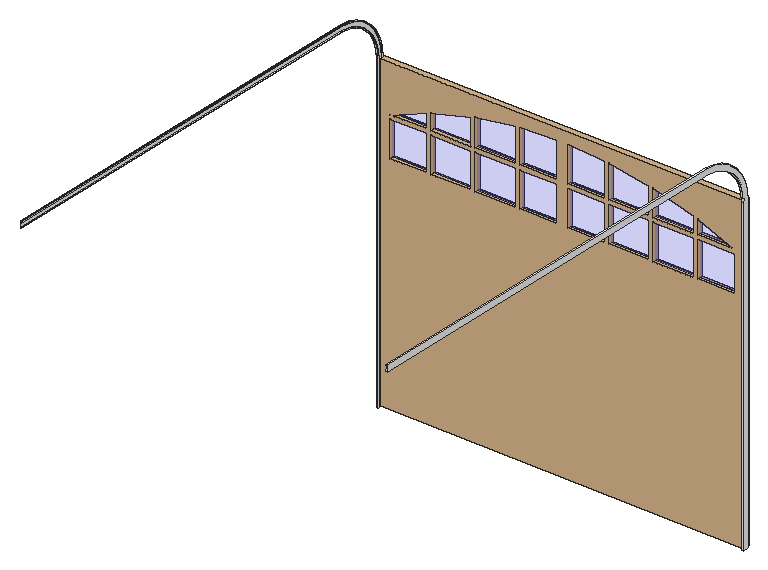
Revit family
Parameters (values of type "7Ft H x 8Ft W")
  Track Width = Width + 0' 2"  # 8' - 2"
  Track Height = Height + 1' 0"  # 8' - 0"
  Track Depth = 10' - 0"
  Track = Metal
  SmartBIM Object Version = 1  # constant formula
  SmartBIM Object Created By = "Reed Construction Data"  # constant formula
  Rough Width = 0' - 0"
  Rough Height = 0' - 0"
  Panel Thickness = 0' - 1 1/2"
  Manufacturer = ""
  Height = 7' - 0"
  Wall Closure = (empty or 0)
  Width = 8' - 0"
  Door Glass = Glass
  Door = Wood
  95 CSI = "08360"  # constant formula
  04 CSI = "08 36 13"  # constant formula
Types (3): name | Track Width | Manufacturer | Width
  (no name) | 8' - 2" | "" | 8' - 0"
  7Ft H x 8Ft W | 8' - 2" | "" | 8' - 0"
  7Ft H x 16Ft W | 16' - 2" | "Reed Construction Data" | 16' - 0"
Reference planes (in)
  plane 1 "Center (Front/Back)": y = 0
  plane 2 "Center (Left/Right)": x = 0
  plane 3 "Left": x = -48
  plane 4 "Right": x = 48
  plane 5 "Top": z = 84
  plane 6: x = -49
  plane 7: x = 49
  plane 8: y = -3.25
  plane 9: z = 60.75
  plane 10: z = 20.25
  plane 11: z = 40.5
  plane 12: z = 81
  plane 13: x = 24
  plane 14: x = -24
  plane 15: y = -2.5
  plane 16: y = -2.5
  plane 17 "Ext": y = -3.25
  plane 18: y = -2.5
  plane 19 "Int": y = -1.75
  plane 20: x = -36
  plane 21: x = -12
  plane 22: x = 12
  plane 23: x = 36
  plane 24: z = 70.875
  plane 25: y = -2.76892
  plane 26: y = -2.23108
Forms (in)
  Extrusion 1, solid, material "Wood" <- "Door"
    sketch origin (0, 0, 0) x (1, 0, 0) y (0, 0, 1)
      loop
        line (-49, 84) -> (-49, 0) -> (49, 0) -> (49, 84) -> (-49, 84)
      loop
        line (46.5, 60.75) -> (46.5, 70.375) -> (36.5, 70.375) -> (36.5, 60.75) -> (46.5, 60.75)
      loop
        line (23.5, 60.75) -> (23.5, 70.375) -> (12.5, 70.375) -> (12.5, 60.75) -> (23.5, 60.75)
      loop
        line (-1.5, 60.75) -> (-1.5, 70.375) -> (-11.5, 70.375) -> (-11.5, 60.75) -> (-1.5, 60.75)
      loop
        line (1.5, 81) -> (1.5, 71.375) -> (11.5, 71.375) -> (11.5, 80.54454)
        arc (11.5, 80.54454) -> (6.50518, 80.88608) -> (1.5, 81) r 110.00731
      loop
        line (-24.5, 60.75) -> (-24.5, 70.375) -> (-35.5, 70.375) -> (-35.5, 60.75) -> (-24.5, 60.75)
      loop
        line (-46.5, 71.375) -> (-36.5, 71.375) -> (-36.5, 75.28367)
        arc (-36.5, 75.28367) -> (-41.54771, 73.45141) -> (-46.5, 71.375) r 110.00731
      loop
        line (-36.5, 60.75) -> (-36.5, 70.375) -> (-46.5, 70.375) -> (-46.5, 60.75) -> (-36.5, 60.75)
      loop
        line (-35.5, 75.61395) -> (-35.5, 71.375) -> (-24.5, 71.375) -> (-24.5, 78.56875)
        arc (-24.5, 78.56875) -> (-30.03827, 77.23381) -> (-35.5, 75.61395) r 110.00731
      loop
        line (-23.5, 71.375) -> (-12.5, 71.375) -> (-12.5, 80.44865)
        arc (-12.5, 80.44865) -> (-18.02114, 79.75233) -> (-23.5, 78.7777) r 110.00731
        line (-23.5, 78.7777) -> (-23.5, 71.375)
      loop
        line (-12.5, 60.75) -> (-12.5, 70.375) -> (-23.5, 70.375) -> (-23.5, 60.75) -> (-12.5, 60.75)
      loop
        line (-11.5, 80.54454) -> (-11.5, 71.375) -> (-1.5, 71.375) -> (-1.5, 81)
        arc (-1.5, 81) -> (-6.50518, 80.88608) -> (-11.5, 80.54454) r 110.00731
      loop
        line (11.5, 60.75) -> (11.5, 70.375) -> (1.5, 70.375) -> (1.5, 60.75) -> (11.5, 60.75)
      loop
        line (12.5, 80.44865) -> (12.5, 71.375) -> (23.5, 71.375) -> (23.5, 78.7777)
        arc (23.5, 78.7777) -> (18.02114, 79.75233) -> (12.5, 80.44865) r 110.00731
      loop
        line (24.5, 71.375) -> (35.5, 71.375) -> (35.5, 75.61395)
        arc (35.5, 75.61395) -> (30.03827, 77.23381) -> (24.5, 78.56875) r 110.00731
        line (24.5, 78.56875) -> (24.5, 71.375)
      loop
        line (35.5, 60.75) -> (35.5, 70.375) -> (24.5, 70.375) -> (24.5, 60.75) -> (35.5, 60.75)
      loop
        line (36.5, 75.28367) -> (36.5, 71.375) -> (46.5, 71.375)
        arc (46.5, 71.375) -> (41.54771, 73.45141) -> (36.5, 75.28367) r 110.00731
    from 1.75 to 3.25
  Extrusion 2, solid, material "Glass" <- "Door Glass"
    sketch origin (0, 0, 0) x (1, 0, 0) y (0, 0, 1)
      loop
        line (-36.5, 81) -> (-46.5, 81) -> (-46.5, 71.375) -> (-36.5, 71.375) -> (-36.5, 81)
      loop
        line (-46.5, 70.375) -> (-46.5, 60.75) -> (-36.5, 60.75) -> (-36.5, 70.375) -> (-46.5, 70.375)
      loop
        line (-24.5, 81) -> (-35.5, 81) -> (-35.5, 71.375) -> (-24.5, 71.375) -> (-24.5, 81)
      loop
        line (-35.5, 70.375) -> (-35.5, 60.75) -> (-24.5, 60.75) -> (-24.5, 70.375) -> (-35.5, 70.375)
      loop
        line (-12.5, 81) -> (-23.5, 81) -> (-23.5, 71.375) -> (-12.5, 71.375) -> (-12.5, 81)
      loop
        line (-23.5, 70.375) -> (-23.5, 60.75) -> (-12.5, 60.75) -> (-12.5, 70.375) -> (-23.5, 70.375)
      loop
        line (-11.5, 70.375) -> (-11.5, 60.75) -> (-1.5, 60.75) -> (-1.5, 70.375) -> (-11.5, 70.375)
      loop
        line (-1.5, 81) -> (-11.5, 81) -> (-11.5, 71.375) -> (-1.5, 71.375) -> (-1.5, 81)
      loop
        line (11.5, 81) -> (1.5, 81) -> (1.5, 71.375) -> (11.5, 71.375) -> (11.5, 81)
      loop
        line (23.5, 81) -> (12.5, 81) -> (12.5, 71.375) -> (23.5, 71.375) -> (23.5, 81)
      loop
        line (1.5, 70.375) -> (1.5, 60.75) -> (11.5, 60.75) -> (11.5, 70.375) -> (1.5, 70.375)
      loop
        line (12.5, 70.375) -> (12.5, 60.75) -> (23.5, 60.75) -> (23.5, 70.375) -> (12.5, 70.375)
      loop
        line (35.5, 81) -> (24.5, 81) -> (24.5, 71.375) -> (35.5, 71.375) -> (35.5, 81)
      loop
        line (24.5, 70.375) -> (24.5, 60.75) -> (35.5, 60.75) -> (35.5, 70.375) -> (24.5, 70.375)
      loop
        line (46.5, 71.375) -> (46.5, 81) -> (36.5, 81) -> (36.5, 71.375) -> (46.5, 71.375)
      loop
        line (36.5, 70.375) -> (36.5, 60.75) -> (46.5, 60.75) -> (46.5, 70.375) -> (36.5, 70.375)
    from 2.375 to 2.625
  Extrusion 3, void
    sketch origin (0, -3.25, 0) x (1, 0, 0) y (0, 0, 1)
      loop
        line (-36.5, 75.28367) -> (-36.5, 81) -> (-46.5, 81) -> (-46.5, 71.375)
        arc (-46.5, 71.375) -> (-41.54771, 73.45141) -> (-36.5, 75.28367) r 110.00731
      loop
        line (-24.5, 81) -> (-35.5, 81) -> (-35.5, 75.61395)
        arc (-35.5, 75.61395) -> (-30.03827, 77.23381) -> (-24.5, 78.56875) r 110.00731
        line (-24.5, 78.56875) -> (-24.5, 81)
      loop
        arc (-23.5, 78.7777) -> (-18.02114, 79.75233) -> (-12.5, 80.44865) r 110.00731
        line (-12.5, 80.44865) -> (-12.5, 81) -> (-23.5, 81) -> (-23.5, 78.7777)
      loop
        line (-11.5, 81) -> (-11.5, 80.54454)
        arc (-11.5, 80.54454) -> (-6.50518, 80.88608) -> (-1.5, 81) r 110.00731
        line (-1.5, 81) -> (-11.5, 81)
      loop
        arc (1.5, 81) -> (6.50518, 80.88608) -> (11.5, 80.54454) r 110.00731
        line (11.5, 80.54454) -> (11.5, 81) -> (1.5, 81)
      loop
        arc (12.5, 80.44865) -> (18.02114, 79.75233) -> (23.5, 78.7777) r 110.00731
        line (23.5, 78.7777) -> (23.5, 81) -> (12.5, 81) -> (12.5, 80.44865)
      loop
        arc (24.5, 78.56875) -> (30.03827, 77.23381) -> (35.5, 75.61395) r 110.00731
        line (35.5, 75.61395) -> (35.5, 81) -> (24.5, 81) -> (24.5, 78.56875)
      loop
        arc (36.5, 75.28367) -> (41.54771, 73.45141) -> (46.5, 71.375) r 110.00731
        line (46.5, 71.375) -> (46.5, 81) -> (36.5, 81) -> (36.5, 75.28367)
    from -1.01892 to -0.48108
Cuts and joins
  Extrusion 3 cuts Extrusion 1
  Extrusion 3 cuts Extrusion 2
Lines and regions (in)
  Opening 1
    outline origin (-90, -1.75, 0) x (1, 0, 0) y (0, 0, 1)
      loop
        line (42, 0) -> (138, 0) -> (138, 84) -> (42, 84) -> (42, 0)
  model lines
    curve 1: line (1.5, -3.25, 42) -> (46.5, -3.25, 42)
    curve 2: line (46.5, -3.25, 42) -> (46.5, -3.25, 59.25)
    curve 3: line (46.5, -3.25, 59.25) -> (1.5, -3.25, 59.25)
    curve 4: line (45, -3.25, 57.75) -> (3, -3.25, 57.75)
    curve 5: line (3, -3.25, 43.5) -> (45, -3.25, 43.5)
    curve 6: line (45, -3.25, 43.5) -> (45, -3.25, 57.75)
    curve 7: line (1.5, -3.25, 59.25) -> (1.5, -3.25, 42)
    curve 8: line (3, -3.25, 57.75) -> (3, -3.25, 43.5)
    curve 9: line (-1.5, -3.25, 59.25) -> (-1.5, -3.25, 42)
    curve 10: line (-3, -3.25, 57.75) -> (-3, -3.25, 43.5)
    curve 11: line (-46.5, -3.25, 59.25) -> (-46.5, -3.25, 42)
    curve 12: line (-46.5, -3.25, 42) -> (-1.5, -3.25, 42)
    curve 13: line (-1.5, -3.25, 59.25) -> (-46.5, -3.25, 59.25)
    curve 14: line (-3, -3.25, 57.75) -> (-45, -3.25, 57.75)
    curve 15: line (-45, -3.25, 57.75) -> (-45, -3.25, 43.5)
    curve 16: line (-45, -3.25, 43.5) -> (-3, -3.25, 43.5)
    curve 17: line (-46.5, -3.25, 39) -> (-46.5, -3.25, 21.75)
    curve 18: line (-46.5, -3.25, 21.75) -> (-1.5, -3.25, 21.75)
    curve 19: line (-1.5, -3.25, 39) -> (-46.5, -3.25, 39)
    curve 20: line (-3, -3.25, 37.5) -> (-45, -3.25, 37.5)
    curve 21: line (-45, -3.25, 37.5) -> (-45, -3.25, 23.25)
    curve 22: line (-45, -3.25, 23.25) -> (-3, -3.25, 23.25)
    curve 23: line (-1.5, -3.25, 21.75) -> (-1.5, -3.25, 39)
    curve 24: line (-3, -3.25, 23.25) -> (-3, -3.25, 37.5)
    curve 25: line (1.5, -3.25, 21.75) -> (1.5, -3.25, 39)
    curve 26: line (1.5, -3.25, 21.75) -> (46.5, -3.25, 21.75)
    curve 27: line (46.5, -3.25, 21.75) -> (46.5, -3.25, 39)
    curve 28: line (46.5, -3.25, 39) -> (1.5, -3.25, 39)
    curve 29: line (45, -3.25, 37.5) -> (3, -3.25, 37.5)
    curve 30: line (3, -3.25, 23.25) -> (45, -3.25, 23.25)
    curve 31: line (45, -3.25, 23.25) -> (45, -3.25, 37.5)
    curve 32: line (-46.5, -3.25, 1.5) -> (-46.5, -3.25, 18.75)
    curve 33: line (-46.5, -3.25, 18.75) -> (-1.5, -3.25, 18.75)
    curve 34: line (-1.5, -3.25, 1.5) -> (-46.5, -3.25, 1.5)
    curve 35: line (-3, -3.25, 3) -> (-45, -3.25, 3)
    curve 36: line (-45, -3.25, 3) -> (-45, -3.25, 17.25)
    curve 37: line (-45, -3.25, 17.25) -> (-3, -3.25, 17.25)
    curve 38: line (-1.5, -3.25, 1.5) -> (-1.5, -3.25, 18.75)
    curve 39: line (-3, -3.25, 3) -> (-3, -3.25, 17.25)
    curve 40: line (1.5, -3.25, 1.5) -> (1.5, -3.25, 18.75)
    curve 41: line (46.5, -3.25, 1.5) -> (46.5, -3.25, 18.75)
    curve 42: line (46.5, -3.25, 18.75) -> (1.5, -3.25, 18.75)
    curve 43: line (1.5, -3.25, 1.5) -> (46.5, -3.25, 1.5)
    curve 44: line (3, -3.25, 3) -> (45, -3.25, 3)
    curve 45: line (45, -3.25, 3) -> (45, -3.25, 17.25)
    curve 46: line (45, -3.25, 17.25) -> (3, -3.25, 17.25)
    curve 47: line (1.5, -1.75, 42) -> (46.5, -1.75, 42)
    curve 48: line (46.5, -1.75, 42) -> (46.5, -1.75, 59.25)
    curve 49: line (46.5, -1.75, 59.25) -> (1.5, -1.75, 59.25)
    curve 50: line (45, -1.75, 57.75) -> (3, -1.75, 57.75)
    curve 51: line (3, -1.75, 43.5) -> (45, -1.75, 43.5)
    curve 52: line (45, -1.75, 43.5) -> (45, -1.75, 57.75)
    curve 53: line (1.5, -1.75, 59.25) -> (1.5, -1.75, 42)
    curve 54: line (3, -1.75, 57.75) -> (3, -1.75, 43.5)
    curve 55: line (-1.5, -1.75, 59.25) -> (-1.5, -1.75, 42)
    curve 56: line (-3, -1.75, 57.75) -> (-3, -1.75, 43.5)
    curve 57: line (-46.5, -1.75, 59.25) -> (-46.5, -1.75, 42)
    curve 58: line (-46.5, -1.75, 42) -> (-1.5, -1.75, 42)
    curve 59: line (-1.5, -1.75, 59.25) -> (-46.5, -1.75, 59.25)
    curve 60: line (-3, -1.75, 57.75) -> (-45, -1.75, 57.75)
    curve 61: line (-45, -1.75, 57.75) -> (-45, -1.75, 43.5)
    curve 62: line (-45, -1.75, 43.5) -> (-3, -1.75, 43.5)
    curve 63: line (-46.5, -1.75, 39) -> (-46.5, -1.75, 21.75)
    curve 64: line (-46.5, -1.75, 21.75) -> (-1.5, -1.75, 21.75)
    curve 65: line (-1.5, -1.75, 39) -> (-46.5, -1.75, 39)
    curve 66: line (-3, -1.75, 37.5) -> (-45, -1.75, 37.5)
    curve 67: line (-45, -1.75, 37.5) -> (-45, -1.75, 23.25)
    curve 68: line (-45, -1.75, 23.25) -> (-3, -1.75, 23.25)
    curve 69: line (-1.5, -1.75, 21.75) -> (-1.5, -1.75, 39)
    curve 70: line (-3, -1.75, 23.25) -> (-3, -1.75, 37.5)
    curve 71: line (1.5, -1.75, 21.75) -> (1.5, -1.75, 39)
    curve 72: line (1.5, -1.75, 21.75) -> (46.5, -1.75, 21.75)
    curve 73: line (46.5, -1.75, 21.75) -> (46.5, -1.75, 39)
    curve 74: line (46.5, -1.75, 39) -> (1.5, -1.75, 39)
    curve 75: line (45, -1.75, 37.5) -> (3, -1.75, 37.5)
    curve 76: line (3, -1.75, 23.25) -> (45, -1.75, 23.25)
    curve 77: line (45, -1.75, 23.25) -> (45, -1.75, 37.5)
    curve 78: line (-46.5, -1.75, 1.5) -> (-46.5, -1.75, 18.75)
    curve 79: line (-46.5, -1.75, 18.75) -> (-1.5, -1.75, 18.75)
    curve 80: line (-1.5, -1.75, 1.5) -> (-46.5, -1.75, 1.5)
    curve 81: line (-3, -1.75, 3) -> (-45, -1.75, 3)
    curve 82: line (-45, -1.75, 3) -> (-45, -1.75, 17.25)
    curve 83: line (-45, -1.75, 17.25) -> (-3, -1.75, 17.25)
    curve 84: line (-1.5, -1.75, 1.5) -> (-1.5, -1.75, 18.75)
    curve 85: line (-3, -1.75, 3) -> (-3, -1.75, 17.25)
    curve 86: line (1.5, -1.75, 1.5) -> (1.5, -1.75, 18.75)
    curve 87: line (46.5, -1.75, 1.5) -> (46.5, -1.75, 18.75)
    curve 88: line (46.5, -1.75, 18.75) -> (1.5, -1.75, 18.75)
    curve 89: line (1.5, -1.75, 1.5) -> (46.5, -1.75, 1.5)
    curve 90: line (3, -1.75, 3) -> (45, -1.75, 3)
    curve 91: line (45, -1.75, 3) -> (45, -1.75, 17.25)
    curve 92: line (45, -1.75, 17.25) -> (3, -1.75, 17.25)
    curve 93: line (3, -1.75, 57.75) -> (1.5, -1.75, 59.25)
    curve 94: line (3, -1.75, 43.5) -> (1.5, -1.75, 42)
    curve 95: line (45, -1.75, 57.75) -> (46.5, -1.75, 59.25)
    curve 96: line (45, -1.75, 43.5) -> (46.5, -1.75, 42)
    curve 97: line (45, -1.75, 23.25) -> (46.5, -1.75, 21.75)
    curve 98: line (45, -1.75, 37.5) -> (46.5, -1.75, 39)
    curve 99: line (45, -1.75, 17.25) -> (46.5, -1.75, 18.75)
    curve 100: line (45, -1.75, 3) -> (46.5, -1.75, 1.5)
    curve 101: line (3, -1.75, 17.25) -> (1.5, -1.75, 18.75)
    curve 102: line (3, -1.75, 3) -> (1.5, -1.75, 1.5)
    curve 103: line (-3, -1.75, 17.25) -> (-1.5, -1.75, 18.75)
    curve 104: line (-3, -1.75, 3) -> (-1.5, -1.75, 1.5)
    curve 105: line (-45, -1.75, 17.25) -> (-46.5, -1.75, 18.75)
    curve 106: line (-45, -1.75, 3) -> (-46.5, -1.75, 1.5)
    curve 107: line (-45, -1.75, 23.25) -> (-46.5, -1.75, 21.75)
    curve 108: line (-45, -1.75, 37.5) -> (-46.5, -1.75, 39)
    curve 109: line (-3, -1.75, 23.25) -> (-1.5, -1.75, 21.75)
    curve 110: line (-3, -1.75, 37.5) -> (-1.5, -1.75, 39)
    curve 111: line (3, -1.75, 23.25) -> (1.5, -1.75, 21.75)
    curve 112: line (3, -1.75, 37.5) -> (1.5, -1.75, 39)
    curve 113: line (-3, -1.75, 57.75) -> (-1.5, -1.75, 59.25)
    curve 114: line (-3, -1.75, 43.5) -> (-1.5, -1.75, 42)
    curve 115: line (-45, -1.75, 57.75) -> (-46.5, -1.75, 59.25)
    curve 116: line (-45, -1.75, 43.5) -> (-46.5, -1.75, 42)
    curve 117: line (-45, -3.25, 57.75) -> (-46.5, -3.25, 59.25)
    curve 118: line (-45, -3.25, 43.5) -> (-46.5, -3.25, 42)
    curve 119: line (-3, -3.25, 57.75) -> (-1.5, -3.25, 59.25)
    curve 120: line (-3, -3.25, 43.5) -> (-1.5, -3.25, 42)
    curve 121: line (3, -3.25, 57.75) -> (1.5, -3.25, 59.25)
    curve 122: line (3, -3.25, 43.5) -> (1.5, -3.25, 42)
    curve 123: line (45, -3.25, 57.75) -> (46.5, -3.25, 59.25)
    curve 124: line (45, -3.25, 43.5) -> (46.5, -3.25, 42)
    curve 125: line (45, -3.25, 23.25) -> (46.5, -3.25, 21.75)
    curve 126: line (45, -3.25, 37.5) -> (46.5, -3.25, 39)
    curve 127: line (3, -3.25, 23.25) -> (1.5, -3.25, 21.75)
    curve 128: line (3, -3.25, 37.5) -> (1.5, -3.25, 39)
    curve 129: line (-3, -3.25, 23.25) -> (-1.5, -3.25, 21.75)
    curve 130: line (-3, -3.25, 37.5) -> (-1.5, -3.25, 39)
    curve 131: line (-45, -3.25, 23.25) -> (-46.5, -3.25, 21.75)
    curve 132: line (-45, -3.25, 37.5) -> (-46.5, -3.25, 39)
    curve 133: line (-45, -3.25, 17.25) -> (-46.5, -3.25, 18.75)
    curve 134: line (-45, -3.25, 3) -> (-46.5, -3.25, 1.5)
    curve 135: line (-3, -3.25, 17.25) -> (-1.5, -3.25, 18.75)
    curve 136: line (-3, -3.25, 3) -> (-1.5, -3.25, 1.5)
    curve 137: line (3, -3.25, 17.25) -> (1.5, -3.25, 18.75)
    curve 138: line (3, -3.25, 3) -> (1.5, -3.25, 1.5)
    curve 139: line (45, -3.25, 17.25) -> (46.5, -3.25, 18.75)
    curve 140: line (45, -3.25, 3) -> (46.5, -3.25, 1.5)
    curve 141: line (3, -3.25, 37.5) -> (3, -3.25, 23.25)
    curve 142: line (3, -1.75, 23.25) -> (3, -1.75, 37.5)
    curve 143: line (3, -1.75, 3) -> (3, -1.75, 17.25)
    curve 144: line (3, -3.25, 3) -> (3, -3.25, 17.25)
Text (in)
  text "Exterior" at (-74.96733, 27.31104, 0), in view "Ref. Level"
  text "Interior" at (-76.69036, -30.31274, 0), in view "Ref. Level"
  text "Exterior" at (0, 40.15149, 123.01588), in view "Right"
  text "Interior" at (0, -64.39139, 123.01588), in view "Right"
  text "Interior" at (0, -31.01599, 123.00693), in view "Left"
  text "Exterior" at (0, 54.57065, 123.00693), in view "Left"
Dimensions and locks (in)
  equal spacing: plane 3 "Left", plane 2 "Center (Left/Right)", plane 4 "Right"
  "Height": level to plane 5 "Top"
  "Width": plane 3 "Left" to plane 4 "Right"
  locked: plane 6 to plane 3 "Left" at 1
  locked: plane 4 "Right" to plane 7 at 1
  locked: plane 12 to plane 5 "Top" at 3
  equal spacing: level, plane 10, plane 11, plane 9, plane 12
  equal spacing: plane 2 "Center (Left/Right)", plane 13, plane 4 "Right"
  equal spacing: plane 2 "Center (Left/Right)", plane 14, plane 3 "Left"
  equal spacing: Extrusion 1 sketch curve, plane 2 "Center (Left/Right)", Extrusion 1 sketch curve, locked at 1.5 each
  locked: Extrusion 1 sketch curve to Extrusion 1 sketch curve at 3
  locked: Extrusion 2 to Extrusion 2 at 0.25  (x2)
  host wall to plane 15 to plane 8 = 0' - 0 3/4", 0' - 0 3/4"
  equal spacing: Extrusion 2, plane 16, Extrusion 2
  curve 6 to curve 2 to plane 4 "Right" = 0' - 1 1/2" locked, 0' - 1 1/2" locked
  curve 4 to curve 3 to plane 9 = 0' - 1 1/2" locked, 0' - 1 1/2" locked
  plane 11 to curve 1 to curve 5 = 0' - 1 1/2" locked, 0' - 1 1/2" locked
  curve 8 to curve 7 to plane 2 "Center (Left/Right)" = 0' - 1 1/2" locked, 0' - 1 1/2" locked
  plane 2 "Center (Left/Right)" to curve 9 to curve 10 = 0' - 1 1/2" locked, 0' - 1 1/2" locked
  plane 3 "Left" to curve 11 to curve 15 = 0' - 1 1/2" locked, 0' - 1 1/2" locked
  plane 11 to curve 19 to curve 20 = 0' - 1 1/2" locked, 0' - 1 1/2" locked
  curve 22 to curve 18 to plane 10 = 0' - 1 1/2" locked, 0' - 1 1/2" locked
  plane 10 to curve 33 to curve 37 = 0' - 1 1/2" locked, 0' - 1 1/2" locked
  curve 35 to curve 34 to level = 0' - 1 1/2" locked, 0' - 1 1/2" locked
  equal spacing: plane 17 "Ext", plane 18, plane 19 "Int"
  locked: curve 52 to curve 48 at 1.5
  locked: curve 50 to curve 49 at 1.5
  locked: curve 47 to curve 51 at 1.5
  locked: curve 54 to curve 53 at 1.5
  locked: curve 55 to curve 56 at 1.5
  locked: curve 57 to curve 61 at 1.5
  locked: curve 65 to curve 66 at 1.5
  locked: curve 68 to curve 64 at 1.5
  locked: curve 79 to curve 83 at 1.5
  locked: curve 81 to curve 80 at 1.5
  "Panel Thickness": plane 19 "Int" to plane 17 "Ext"
  equal spacing: Extrusion 1 sketch curve, plane 23, Extrusion 1 sketch curve
  equal spacing: plane 13, plane 23, plane 4 "Right"
  equal spacing: plane 13, plane 22, plane 2 "Center (Left/Right)"
  equal spacing: Extrusion 1 sketch curve, plane 22, Extrusion 1 sketch curve, locked at 0.5 each
  locked: Extrusion 1 sketch curve to Extrusion 1 sketch curve at 1  (x4)
  equal spacing: plane 2 "Center (Left/Right)", plane 21, plane 14
  equal spacing: Extrusion 1 sketch curve, plane 21, Extrusion 1 sketch curve, locked at 0.5 each
  equal spacing: plane 3 "Left", plane 20, plane 14
  equal spacing: Extrusion 1 sketch curve, plane 20, Extrusion 1 sketch curve, locked at 0.5 each
  equal spacing: plane 12, plane 24, plane 9
  equal spacing: Extrusion 1 sketch curve, plane 24, Extrusion 1 sketch curve
  locked: plane 14 to Extrusion 1 sketch curve at 0.5  (x2)
  locked: Extrusion 1 sketch curve to plane 14 at 0.5  (x2)
  locked: plane 13 to Extrusion 1 sketch curve at 0.5  (x2)
  locked: Extrusion 1 sketch curve to plane 13 at 0.5  (x2)
  equal spacing: plane 26, plane 18, plane 25
  locked: plane 26 to plane 25 at 0.53783
  aligned and locked: plane 3 "Left" to Opening 1 sketch curve
  aligned and locked: plane 5 "Top" to Opening 1 sketch curve  (x2)
  aligned and locked: Opening 1 sketch curve to plane 4 "Right"
  aligned and locked: Opening 1 sketch curve to level
  aligned and locked: Extrusion 1 sketch curve to plane 6
  aligned and locked: Extrusion 1 sketch curve to plane 7
  aligned and locked: Extrusion 1 sketch curve to level
  aligned and locked: Extrusion 1 sketch curve to host wall
  aligned and locked: plane 9 to Extrusion 1 sketch curve  (x4)
  aligned and locked: Extrusion 1 sketch curve to plane 9
  aligned and locked: plane 15 to plane 16
  aligned and locked: curve 15 to curve 21
  aligned and locked: curve 11 to curve 17
  aligned and locked: curve 24 to curve 10
  aligned and locked: curve 23 to curve 9
  aligned and locked: curve 25 to curve 7
  aligned and locked: curve 31 to curve 6
  aligned and locked: curve 27 to curve 2
  aligned and locked: curve 32 to curve 17
  aligned and locked: curve 36 to curve 21
  aligned and locked: curve 39 to curve 24
  aligned and locked: curve 38 to curve 23
  aligned and locked: curve 40 to curve 25
  aligned and locked: curve 45 to curve 31
  aligned and locked: curve 41 to curve 27
  aligned and locked: host wall to plane 19 "Int"
  aligned and locked: plane 16 to plane 18
  aligned and locked: plane 17 "Ext" to Extrusion 1
  aligned and locked: Extrusion 1 to host wall
  aligned and locked: curve 117 to curve 115
  aligned and locked: Extrusion 1 sketch curve to Extrusion 1 sketch curve  (x17)
  aligned and locked: Extrusion 2 sketch curve to Extrusion 1  (x56)
  aligned and locked: curve 8 to curve 141
  aligned and locked: nested 1 to plane 2 "Center (Left/Right)"
  aligned and locked: nested 1 to plane 17 "Ext"
  aligned and locked: level to nested 1
  aligned and locked: plane 12 to Extrusion 2 sketch curve
  aligned and locked: Extrusion 2 to Extrusion 3 sketch curve  (x5)
  aligned and locked: Extrusion 3 sketch curve to Extrusion 2  (x14)
  aligned and locked: Extrusion 3 sketch curve to Extrusion 1  (x9)
  aligned and locked: plane 26 to Extrusion 3
  aligned and locked: plane 25 to Extrusion 3
Automatic sketch dimensions
  Extrusion 1 sketch curve to plane 9 = 0' - 0"  (x3)
  Extrusion 1 sketch curve to plane 3 "Left" = 0' - 1 1/2"
  Extrusion 1 sketch curve to plane 24 = 0' - 0 1/2"  (x2)
  Extrusion 1 sketch curve to plane 2 "Center (Left/Right)" = 0' - 1 1/2"
  plane 2 "Center (Left/Right)" to Extrusion 1 sketch curve = 0' - 1 1/2"
  Extrusion 1 sketch curve to Extrusion 1 sketch curve = 0' - 0"  (x15)
  Extrusion 1 sketch curve to plane 23 = 0' - 0 1/2"
  Extrusion 1 sketch curve to Extrusion 1 sketch curve = 0' - 0.33028"  (x2)
  Extrusion 1 sketch curve to Extrusion 1 sketch curve = 0' - 0.20895"  (x2)
  Extrusion 1 sketch curve to plane 12 = 0' - 0"  (x2)
  plane 4 "Right" to Extrusion 1 sketch curve = 0' - 1 1/2"
  plane 24 to Extrusion 1 sketch curve = 0' - 0 1/2"  (x2)
  Extrusion 1 sketch curve to plane 12 = 0' - 0.55135"
  Extrusion 1 sketch curve to plane 20 = 0' - 0 1/2"
  curve 108 to plane 3 "Left" = 0' - 1 1/2"
  curve 116 to plane 3 "Left" = 0' - 1 1/2"
  curve 105 to plane 3 "Left" = 0' - 1 1/2"
  curve 63 to curve 66 = 0' - 1 1/2"
  curve 78 to curve 81 = 0' - 1 1/2"
  curve 62 to plane 2 "Center (Left/Right)" = 0' - 3"
  curve 66 to plane 2 "Center (Left/Right)" = 0' - 3"
  curve 81 to plane 2 "Center (Left/Right)" = 0' - 3"
  curve 103 to plane 2 "Center (Left/Right)" = 0' - 1 1/2"
  curve 69 to plane 2 "Center (Left/Right)" = 0' - 1 1/2"
  plane 2 "Center (Left/Right)" to curve 47 = 0' - 1 1/2"
  plane 2 "Center (Left/Right)" to curve 112 = 0' - 1 1/2"
  plane 2 "Center (Left/Right)" to curve 86 = 0' - 1 1/2"
  curve 86 to curve 143 = 0' - 1 1/2"
  curve 71 to curve 111 = 0' - 1 1/2"
  plane 4 "Right" to curve 99 = 0' - 3"
  plane 4 "Right" to curve 50 = 0' - 3"
  plane 4 "Right" to curve 98 = 0' - 3"
  plane 4 "Right" to curve 73 = 0' - 1 1/2"
  plane 4 "Right" to curve 87 = 0' - 1 1/2"
  level to curve 78 = 0' - 1 1/2"
  level to curve 87 = 0' - 1 1/2"
  curve 86 to curve 102 = 0' - 1 1/2"
  curve 85 to plane 10 = 0' - 3"
  curve 91 to plane 10 = 0' - 3"
  curve 101 to plane 10 = 0' - 1 1/2"
  plane 10 to curve 71 = 0' - 1 1/2"
  plane 10 to curve 69 = 0' - 1 1/2"
  curve 72 to curve 77 = 0' - 1 1/2"
  curve 67 to plane 11 = 0' - 3"
  curve 77 to plane 11 = 0' - 3"
  curve 74 to plane 11 = 0' - 1 1/2"
  plane 11 to curve 94 = 0' - 1 1/2"
  plane 11 to curve 55 = 0' - 1 1/2"
  curve 55 to curve 62 = 0' - 1 1/2"
  curve 95 to plane 9 = 0' - 3"
  curve 61 to plane 9 = 0' - 3"
  curve 59 to plane 9 = 0' - 1 1/2"
  curve 40 to curve 138 = 0' - 1 1/2"
  level to curve 41 = 0' - 1 1/2"
  curve 41 to curve 45 = 0' - 1 1/2"
  curve 144 to plane 10 = 0' - 3"
  curve 42 to plane 10 = 0' - 1 1/2"
  plane 10 to curve 25 = 0' - 1 1/2"
  curve 25 to curve 127 = 0' - 1 1/2"
  curve 128 to plane 11 = 0' - 3"
  curve 25 to plane 11 = 0' - 1 1/2"
  plane 11 to curve 120 = 0' - 1 1/2"
  curve 12 to curve 16 = 0' - 1 1/2"
  Extrusion 2 sketch curve to plane 12 = 0' - 0"  (x7)
  Extrusion 3 sketch curve to Extrusion 3 sketch curve = 0' - 0"
  Extrusion 3 sketch curve to plane 12 = 0' - 0"  (x2)
  Extrusion 3 sketch curve to Extrusion 3 sketch curve = 0' - 3"
Nested families (in)
  nested 1: "Door Track" at (-0.5, -64, 0), Width <- "Track Width", Height <- "Track Height", Depth <- "Track Depth", type "Door Track"
    with Width 8' - 2", Height 8' - 0", Depth 10' - 0"
Definition of nested family "Door Track"
  Parameters
    Width [instance] = 10' - 0"
    Track = Metal
    Height [instance] = 11' - 0"
    Depth [instance] = 10' - 0"
  Reference planes (in)
    plane 1 "Center (Front/Back)": y = 0
    plane 2: z = 0
    plane 3 "Center (Left/Right)": x = 0.5
    plane 4 "Back": y = 60
    plane 5 "Front": y = -60
    plane 6 "Left": x = -59.5
    plane 7 "Right": x = 60.5
    plane 8 "Top": z = 132
    plane 9 "Center (Up/Down)": z = 66
    plane 10: y = 60.75
    plane 11: y = 61.5
  Forms (in)
    Sweep 1, solid, material "Metal" <- "Track"
      path origin (60.5, 60, 48) x (0, 1, 0) y (0, 0, 1)
        loop
          line (0, -48) -> (0, 72)
          arc (0, 72) -> (-3.51472, 80.48528) -> (-12, 84) r 12
          line (-12, 84) -> (-120, 84)
      profile origin (60.5, -6, 132) x (0, 0, -1) y (1, 0, 0)
        loop
          line (-1.5, 0) -> (-1.375, 0) -> (-1.375, 0.375) -> (-0.125, 0.375) -> (-0.125, 0) -> (0, 0) -> (0, 0.5) -> (-1.5, 0.5) -> (-1.5, 0)
    Sweep 2, solid, material "Metal" <- "Track"
      path origin (-59.5, 60, 48) x (0, 1, 0) y (0, 0, 1)
        loop
          line (0, -48) -> (0, 72)
          arc (0, 72) -> (-3.51472, 80.48528) -> (-12, 84) r 12
          line (-12, 84) -> (-120, 84)
      profile origin (-59.5, -6, 132) x (0, 0, -1) y (1, 0, 0)
        loop
          line (-1.5, 0) -> (-1.5, -0.5) -> (0, -0.5) -> (0, 0) -> (-0.125, 0) -> (-0.125, -0.375) -> (-1.375, -0.375) -> (-1.375, 0) -> (-1.5, 0)
  Dimensions and locks (in)
    equal spacing: plane 6 "Left", plane 3 "Center (Left/Right)", plane 7 "Right"
    "Width": plane 6 "Left" to plane 7 "Right"
    equal spacing: plane 4 "Back", plane 1 "Center (Front/Back)", plane 5 "Front"
    "Depth": plane 4 "Back" to plane 5 "Front"
    "Height": plane 8 "Top" to plane 2
    equal spacing: plane 8 "Top", plane 9 "Center (Up/Down)", level
    locked: Sweep 2 sketch curve to Sweep 2 sketch curve at 0.125  (x3)
    locked: Sweep 2 sketch curve to Sweep 2 sketch curve at 0.5  (x2)
    locked: Sweep 2 sketch curve to Sweep 2 sketch curve at 1.5
    locked: Sweep 1 sketch curve to Sweep 1 sketch curve at 0.5  (x2)
    locked: Sweep 1 sketch curve to Sweep 1 sketch curve at 0.125  (x3)
    locked: Sweep 1 sketch curve to Sweep 1 sketch curve at 1.5
    equal spacing: plane 4 "Back", plane 10, plane 11
    locked: plane 10 to plane 11 at 0.75
    radius of Sweep 1 sketch curve = 1' - 0"
    radius of Sweep 2 sketch curve = 1' - 0"
    aligned and locked: plane 8 "Top" to Sweep 1 sketch curve  (x2)
    aligned and locked: plane 5 "Front" to Sweep 1 sketch curve
    aligned and locked: plane 4 "Back" to Sweep 1 sketch curve
    aligned and locked: plane 4 "Back" to Sweep 2 sketch curve
    aligned and locked: plane 5 "Front" to Sweep 2 sketch curve
    aligned and locked: level to Sweep 2 sketch curve
    aligned and locked: Sweep 2 sketch curve to profile plane  (x2)
    aligned and locked: Sweep 1 sketch curve to profile plane
    aligned and locked: plane 11 to Sweep 1
  Automatic sketch dimensions
    Sweep 1 sketch curve to level = 0' - 0"
    Sweep 2 sketch curve to plane 8 "Top" = 0' - 0"
